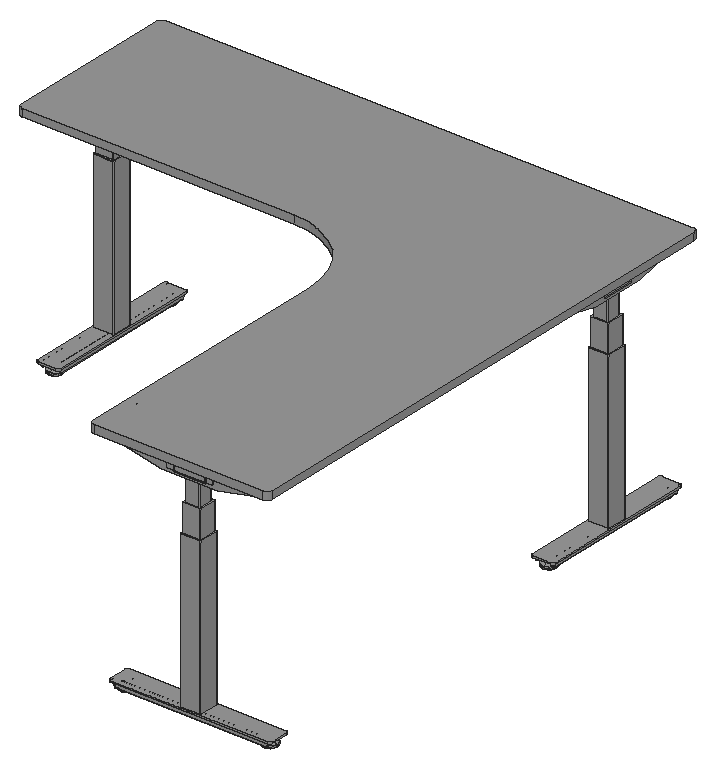
Revit family "3-Leg upCentric_72x72_Right", category Furniture, Revit 2014 (continued)
Definition of nested family "3-Leg upCentric_72x72_Left"
  Forms (in)
    Revolve 100, solid, material "Metal Black" <- "Frame"
      sketch origin (45.67323, -0.72608, 48) x (0, -1, 0) y (0, 0, -1)
        loop
          line (-1.438, 47.33071) -> (-1.438, 46.93701) -> (-1.12382, 46.93701) -> (-1.12382, 47.28975)
          arc (-1.12382, 47.28975) -> (-1.13582, 47.31871) -> (-1.16478, 47.33071) r 0.04095
          line (-1.16478, 47.33071) -> (-1.438, 47.33071)
        axis (-1.438, 47.33071) -> (-1.438, 46.93701)
      angle from 0 to 360
    Revolve 101, solid, material "Metal Black" <- "Frame"
      sketch origin (45.67323, -2.15005, 48) x (0, -1, 0) y (0, 0, -1)
        loop
          line (-1.438, 47.33071) -> (-1.438, 46.93701) -> (-1.12382, 46.93701) -> (-1.12382, 47.28975)
          arc (-1.12382, 47.28975) -> (-1.13582, 47.31871) -> (-1.16478, 47.33071) r 0.04095
          line (-1.16478, 47.33071) -> (-1.438, 47.33071)
        axis (-1.438, 47.33071) -> (-1.438, 46.93701)
      angle from 0 to 360
    Revolve 102, solid, material "Metal Black" <- "Frame"
      sketch origin (45.90945, -9.84682, 52.44291) x (0, -1, 0) y (0, 0, -1)
        loop
          line (-2.2445, 21.35433) -> (-2.12887, 21.35433) -> (-2.10624, 21.37696) -> (-2.10624, 21.44291) -> (-2.2445, 21.44291) -> (-2.2445, 21.35433)
        axis (-2.3622, 21.35433) -> (-2.3622, 21.44291)
      angle from 0 to 360
    Revolve 103, solid, material "Metal Black" <- "Frame"
      sketch origin (45.90945, -5.90555, 52.44291) x (0, -1, 0) y (0, 0, -1)
        loop
          line (-2.2445, 21.35433) -> (-2.12887, 21.35433) -> (-2.10624, 21.37696) -> (-2.10624, 21.44291) -> (-2.2445, 21.44291) -> (-2.2445, 21.35433)
        axis (-2.3622, 21.35433) -> (-2.3622, 21.44291)
      angle from 0 to 360
    Revolve 104, solid, material "Metal Black" <- "Frame"
      sketch origin (45.90945, 9.82961, 52.44291) x (0, 1, 0) y (0, 0, 1)
        loop
          line (-2.2445, -21.35433) -> (-2.2445, -21.44291) -> (-2.10624, -21.44291) -> (-2.10624, -21.37696) -> (-2.12887, -21.35433) -> (-2.2445, -21.35433)
        axis (-2.3622, -21.35433) -> (-2.3622, -21.44291)
      angle from 0 to 360
    Revolve 105, solid, material "Metal Black" <- "Frame"
      sketch origin (45.90945, 5.93673, 52.44291) x (0, 1, 0) y (0, 0, 1)
        loop
          line (-2.27966, -21.35433) -> (-2.27966, -21.44291) -> (-2.1414, -21.44291) -> (-2.1414, -21.37696) -> (-2.16403, -21.35433) -> (-2.27966, -21.35433)
        axis (-2.39736, -21.35433) -> (-2.39736, -21.44291)
      angle from 0 to 360
    Revolve 106, solid, material "Metal Black" <- "Frame"
      sketch origin (180.71068, 33.59849, 30.35564) x (0, -1, 0) y (1, 0, 0)
        loop
          line (30.54389, -135.39182) -> (30.54389, -135.15272) -> (30.46906, -135.15272) -> (30.42578, -135.196) -> (30.42578, -135.36998) -> (30.44762, -135.39182) -> (30.54389, -135.39182)
        axis (30.42578, -135.58789) -> (30.54389, -135.58789)
      angle from 0 to 360
    Revolve 107, solid, material "Metal Black" <- "Frame"
      sketch origin (180.71068, 33.59849, 30.35564) x (0, -1, 0) y (1, 0, 0)
        loop
          line (36.65406, -135.3935) -> (36.75034, -135.3935) -> (36.77217, -135.37166) -> (36.77217, -135.19768) -> (36.7289, -135.1544) -> (36.65406, -135.1544) -> (36.65406, -135.3935)
        axis (36.77217, -135.58957) -> (36.65406, -135.58957)
      angle from 0 to 360
    Revolve 108, solid, material "Metal Black" <- "Frame"
      sketch origin (180.71068, 33.59849, 30.35564) x (0, -1, 0) y (1, 0, 0)
        loop
          arc (30.17138, -135.57795) -> (30.18503, -135.75698) -> (30.22222, -135.93264) r 1.35519
          arc (30.22222, -135.93264) -> (30.23161, -135.9464) -> (30.2474, -135.9517) r 0.02616
          line (30.2474, -135.9517) -> (30.27869, -135.9517) -> (30.27869, -135.88271) -> (30.55077, -135.88271) -> (30.55077, -135.57795) -> (30.16631, -135.57795)
        axis (30.55077, -135.57795) -> (30.16631, -135.57795)
      angle from 0 to 360
    Revolve 109, solid, material "Metal Black" <- "Frame"
      sketch origin (180.71068, -33.60009, 30.35564) x (0, 1, 0) y (-1, 0, 0)
        loop
          arc (30.17138, 135.57795) -> (30.18503, 135.75698) -> (30.22222, 135.93264) r 1.35519
          arc (30.22222, 135.93264) -> (30.23161, 135.9464) -> (30.2474, 135.9517) r 0.02616
          line (30.2474, 135.9517) -> (30.27869, 135.9517) -> (30.27869, 135.88271) -> (30.55077, 135.88271) -> (30.55077, 135.57795) -> (30.16631, 135.57795)
        axis (30.55077, 135.57795) -> (30.16631, 135.57795)
      angle from 0 to 360
    Extrusion 110, solid, material "Metal Black" <- "Frame"
      sketch origin (0.71068, 12.6937, 0) x (0, 1, 0) y (0, 0, 1)
        loop
          line (-21.81468, 30.12016) -> (-16.43732, 28.95301) -> (-8.957, 28.95301) -> (-3.57709, 30.12071)
          arc (-3.57709, 30.12071) -> (-3.52078, 30.1431) -> (-3.47474, 30.18251) r 0.18477
          line (-3.47474, 30.18251) -> (-2.78878, 31) -> (-22.60554, 31) -> (-21.92126, 30.18451)
          arc (-21.92126, 30.18451) -> (-21.87332, 30.14347) -> (-21.81468, 30.12016) r 0.19241
      from 44.60821 to 45.78932
    Extrusion 111, solid, material "Black" <- "Control", visible <- "Button_left"
      sketch origin (24.13327, 2.63455, 2) x (0, 1, 0) y (0, 0, 1)
        loop
          arc (-15.04812, 29) -> (-15.09143, 28.99059) -> (-15.12693, 28.96406) r 0.10438
          line (-15.12693, 28.96406) -> (-15.48008, 28.55737)
          arc (-15.48008, 28.55737) -> (-15.48329, 28.53522) -> (-15.46446, 28.52311) r 0.02069
          line (-15.46446, 28.52311) -> (-15.24393, 28.52311)
          arc (-15.24393, 28.52311) -> (-15.10913, 28.54993) -> (-14.99484, 28.62629) r 0.35227
          line (-14.99484, 28.62629) -> (-14.8589, 28.76222)
          arc (-14.8589, 28.76222) -> (-14.80023, 28.80143) -> (-14.73101, 28.8152) r 0.18086
          line (-14.73101, 28.8152) -> (-14.55867, 28.8152)
          arc (-14.55867, 28.8152) -> (-14.51718, 28.83238) -> (-14.5, 28.87387) r 0.05867
          line (-14.5, 28.87387) -> (-14.5, 29) -> (-15.04812, 29)
      from 15.21373 to 19.22108
    Extrusion 112, solid, material "Black" <- "Control", visible <- "Button_left"
      sketch origin (24.28952, -12.42002, 31.04739) x (0, -0.655659, -0.755057) y (1, 0, 0)
        loop
          circle (0.37642, 18.60572) r 0.13929
      from 0 to 0.08091
    Extrusion 113, solid, material "Black" <- "Control", visible <- "Button_left"
      sketch origin (23.76732, -12.42002, 31.04739) x (0, -0.655659, -0.755057) y (1, 0, 0)
        loop
          circle (0.37642, 18.60572) r 0.13929
      from 0 to 0.08091
    Extrusion 114, solid, material "DarkGreen" <- "ControlDirection", visible <- "Button_left"
      sketch origin (23.20482, -12.42002, 31.04739) x (0, -0.655659, -0.755057) y (1, 0, 0)
        loop
          line (0.25317, 18.81874) -> (0.25317, 18.47919) -> (0.54722, 18.64897) -> (0.25317, 18.81874)
      from 0 to 0.0452
    Extrusion 115, solid, material "Black" <- "Control", visible <- "Button_left"
      sketch origin (58.41182, -12.42002, 31.04739) x (0, -0.655659, -0.755057) y (1, 0, 0)
        loop
          circle (0.37642, -18.60572) r 0.13929
      from 0 to 0.08091
    Extrusion 116, solid, material "Black" <- "Control", visible <- "Button_left"
      sketch origin (58.93402, -12.42002, 31.04739) x (0, -0.655659, -0.755057) y (1, 0, 0)
        loop
          circle (0.37642, -18.60572) r 0.13929
      from 0 to 0.08091
    Extrusion 117, solid, material "DarkGreen" <- "ControlDirection", visible <- "Button_left"
      sketch origin (59.49652, -12.42002, 31.04739) x (0, -0.655659, -0.755057) y (1, 0, 0)
        loop
          line (0.19067, -18.64897) -> (0.48472, -18.81874) -> (0.48472, -18.47919) -> (0.19067, -18.64897)
      from 0 to 0.0452
    Extrusion 118, solid, material "Default" <- "Control Screen", visible <- "Button_left"
      sketch origin (22.70482, -12.42002, 31.04739) x (0, -0.655659, -0.755057) y (1, 0, 0)
        loop
          line (0.16607, 18.86855) -> (0.16607, 18.41908) -> (0.521, 18.41908) -> (0.521, 18.86855) -> (0.16607, 18.86855)
      from 0 to 0.0167
    Revolve 119, solid, material "Metal Black" <- "Frame"
      sketch origin (-22.54052, -58.53519, 52.44291) x (-1, 0, 0) y (0, 0, -1)
        loop
          line (-2.2445, 21.35433) -> (-2.12887, 21.35433) -> (-2.10624, 21.37696) -> (-2.10624, 21.44291) -> (-2.2445, 21.44291) -> (-2.2445, 21.35433)
        axis (-2.3622, 21.35433) -> (-2.3622, 21.44291)
      angle from 0 to 360
    Revolve 120, solid, material "Metal Black" <- "Frame"
      sketch origin (-18.59925, -58.53519, 52.44291) x (-1, 0, 0) y (0, 0, -1)
        loop
          line (-2.2445, 21.35433) -> (-2.12887, 21.35433) -> (-2.10624, 21.37696) -> (-2.10624, 21.44291) -> (-2.2445, 21.44291) -> (-2.2445, 21.35433)
        axis (-2.3622, 21.35433) -> (-2.3622, 21.44291)
      angle from 0 to 360
    Revolve 121, solid, material "Metal Black" <- "Frame"
      sketch origin (-2.86409, -58.53519, 52.44291) x (1, 0, 0) y (0, 0, 1)
        loop
          line (-2.2445, -21.35433) -> (-2.2445, -21.44291) -> (-2.10624, -21.44291) -> (-2.10624, -21.37696) -> (-2.12887, -21.35433) -> (-2.2445, -21.35433)
        axis (-2.3622, -21.35433) -> (-2.3622, -21.44291)
      angle from 0 to 360
    Revolve 122, solid, material "Metal Black" <- "Frame"
      sketch origin (-6.75697, -58.53519, 52.44291) x (1, 0, 0) y (0, 0, 1)
        loop
          line (-2.27966, -21.35433) -> (-2.27966, -21.44291) -> (-2.1414, -21.44291) -> (-2.1414, -21.37696) -> (-2.16403, -21.35433) -> (-2.27966, -21.35433)
        axis (-2.39736, -21.35433) -> (-2.39736, -21.44291)
      angle from 0 to 360
    Revolve 123, solid, material "Metal Black" <- "Frame"
      sketch origin (-14.36894, -49.95675, 52.45252) x (0, 1, 0) y (0, 0, 1)
        loop
          line (-5.49249, -21.37402) -> (-5.60679, -21.37402) -> (-5.63045, -21.39768) -> (-5.63045, -21.45276) -> (-5.49249, -21.45276) -> (-5.49249, -21.37402)
        axis (-5.368, -21.45276) -> (-5.368, -21.37402)
      angle from 0 to 360
    Extrusion 124, solid, material "Metal Black" <- "Frame"
      sketch origin (-192.34735, -28.34235, 28.36548) x (0, -1, 0) y (1, 0, 0)
        loop
          line (27.37237, 177.46738) -> (27.37237, 179.47719)
          arc (27.37237, 179.47719) -> (27.31593, 179.61344) -> (27.17968, 179.66988) r 0.19269
          line (27.17968, 179.66988) -> (26.78189, 179.66988)
          arc (26.78189, 179.66988) -> (26.64265, 179.6122) -> (26.58497, 179.47295) r 0.19693
          line (26.58497, 179.47295) -> (26.58497, 177.46738) -> (27.37237, 177.46738)
        loop
          circle (26.98085, 177.97799) r 0.1198
        loop
          circle (26.97829, 179.25722) r 0.07775
      from 2.63452 to 2.53949
    Revolve 125, solid, material "Metal Black" <- "Frame"
      sketch origin (-14.36936, -49.52322, 52.45252) x (0, -1, 0) y (0, 0, -1)
        loop
          line (5.68037, 21.37402) -> (5.68037, 21.45276) -> (5.5424, 21.45276) -> (5.5424, 21.39768) -> (5.56607, 21.37402) -> (5.68037, 21.37402)
        axis (5.80485, 21.45276) -> (5.80485, 21.37402)
      angle from 0 to 360
    Extrusion 126, solid, material "Metal Black" <- "Frame"
      sketch origin (167.21682, -71.12785, 28.36548) x (0, 1, 0) y (-1, 0, 0)
        loop
          line (16.2038, 177.56938) -> (16.2038, 178.51739)
          arc (16.2038, 178.51739) -> (16.16951, 178.60016) -> (16.08674, 178.63445) r 0.11706
          line (16.08674, 178.63445) -> (15.53333, 178.63445)
          arc (15.53333, 178.63445) -> (15.45065, 178.6002) -> (15.4164, 178.51751) r 0.11693
          line (15.4164, 178.51751) -> (15.4164, 177.56938) -> (16.2038, 177.56938)
        loop
          circle (15.80799, 178.24752) r 0.1198
      from 2.53949 to 2.63452
    Revolve 127, solid, material "Metal Black" <- "Frame"
      sketch origin (-11.02289, -49.85323, 52.45252) x (0, 1, 0) y (0, 0, -1)
        loop
          line (-5.58624, 21.37402) -> (-5.58624, 21.45276) -> (-5.7242, 21.45276) -> (-5.7242, 21.39768) -> (-5.70054, 21.37402) -> (-5.58624, 21.37402)
        axis (-5.46175, 21.45276) -> (-5.46175, 21.37402)
      angle from 0 to 360
    Extrusion 128, solid, material "Metal Black" <- "Frame"
      sketch origin (-12.65512, -30.66376, 0) x (0, -1, 0) y (1, 0, 0)
        loop
          line (25.70374, -1.41734) -> (28.22494, -1.41734)
          arc (28.22494, -1.41734) -> (28.30795, -1.38295) -> (28.34233, -1.29994) r 0.11739
          line (28.34233, -1.29994) -> (28.34233, 1.22116)
          arc (28.34233, 1.22116) -> (28.30795, 1.30418) -> (28.22492, 1.33857) r 0.11741
          line (28.22492, 1.33857) -> (25.70374, 1.33857)
          arc (25.70374, 1.33857) -> (25.62073, 1.30418) -> (25.58635, 1.22117) r 0.11739
          line (25.58635, 1.22117) -> (25.58634, -1.29993)
          arc (25.58634, -1.29993) -> (25.62072, -1.38295) -> (25.70374, -1.41734) r 0.11741
      from 1.25984 to 22.01141
    Sweep 129, solid, material "Metal Black" <- "Frame"
      path origin (-12.65512, -30.66376, 22.01141) x (0, -1, 0) y (-1, 0, 0)
        loop
          arc (25.71906, 1.30529) -> (25.70447, 1.29925) -> (25.69843, 1.28467) r 0.02062
          line (25.69843, 1.28467) -> (25.69843, -1.18872)
          arc (25.69843, -1.18872) -> (25.70942, -1.21526) -> (25.73596, -1.22625) r 0.03753
          line (25.73596, -1.22625) -> (28.20973, -1.22625)
          arc (28.20973, -1.22625) -> (28.22385, -1.22041) -> (28.2297, -1.20629) r 0.01997
          line (28.2297, -1.20629) -> (28.2297, 1.27292)
          arc (28.2297, 1.27292) -> (28.22022, 1.29581) -> (28.19732, 1.30529) r 0.03238
          line (28.19732, 1.30529) -> (25.71906, 1.30529)
      profile origin (-13.96042, -57.62195, 22.01141) x (1, 0, 0) y (0, 0, 1)
        loop
          line (-0.11204, 0) -> (0, 0) -> (0, 0.0814) -> (-0.11204, 0)
    Extrusion 130, solid, material "Metal Black" <- "Frame"
      sketch origin (-12.65512, -30.66376, 22.01141) x (0, -1, 0) y (1, 0, 0)
        loop
          line (25.81982, -1.25186) -> (28.10686, -1.25186)
          arc (28.10686, -1.25186) -> (28.15638, -1.23135) -> (28.17689, -1.18184) r 0.07003
          line (28.17689, -1.18184) -> (28.17689, 1.10307)
          arc (28.17689, 1.10307) -> (28.15636, 1.15264) -> (28.10679, 1.17317) r 0.0701
          line (28.10679, 1.17317) -> (25.82118, 1.17317)
          arc (25.82118, 1.17317) -> (25.77209, 1.15284) -> (25.75175, 1.10374) r 0.06943
          line (25.75175, 1.10374) -> (25.75175, -1.18379)
          arc (25.75175, -1.18379) -> (25.77169, -1.23193) -> (25.81982, -1.25186) r 0.06807
      from 0.0814 to 3.74888
    Extrusion 131, solid, material "Metal Black" <- "Frame"
      sketch origin (-12.65512, -30.66376, 22.01141) x (0, -1, 0) y (1, 0, 0)
        loop
          line (26.09801, -1.02362) -> (27.83126, -1.02362)
          arc (27.83126, -1.02362) -> (27.91425, -0.98924) -> (27.94863, -0.90625) r 0.11737
          line (27.94863, -0.90625) -> (27.94863, 0.82596)
          arc (27.94863, 0.82596) -> (27.9138, 0.91005) -> (27.82971, 0.94488) r 0.11892
          line (27.82971, 0.94488) -> (26.09827, 0.94488)
          arc (26.09827, 0.94488) -> (26.01473, 0.91028) -> (25.98013, 0.82674) r 0.11814
          line (25.98013, 0.82674) -> (25.98013, -0.90574)
          arc (25.98013, -0.90574) -> (26.01466, -0.98909) -> (26.09801, -1.02362) r 0.11789
      from 3.74888 to 7.41636
    Extrusion 132, solid, material "Metal Black" <- "Frame"
      sketch origin (-12.65512, -30.66376, 22.01141) x (0, -1, 0) y (1, 0, 0)
        loop
          line (25.78246, -10.86615) -> (28.14486, -10.86615)
          arc (28.14486, -10.86615) -> (28.39585, -10.76219) -> (28.49981, -10.5112) r 0.35495
          line (28.49981, -10.5112) -> (28.49981, 10.43404)
          arc (28.49981, 10.43404) -> (28.39632, 10.6839) -> (28.14646, 10.7874) r 0.35335
          line (28.14646, 10.7874) -> (25.78137, 10.7874)
          arc (25.78137, 10.7874) -> (25.53217, 10.68417) -> (25.42895, 10.43497) r 0.35242
          line (25.42895, 10.43497) -> (25.42895, -10.51263)
          arc (25.42895, -10.51263) -> (25.53249, -10.76261) -> (25.78246, -10.86615) r 0.35352
      from -20.94842 to -20.75157
    Revolve 133, solid, material "Metal Black" <- "Frame"
      sketch origin (-22.73337, -57.59031, 48) x (1, 0, 0) y (0, 0, -1)
        loop
          line (0.4725, 47.52744) -> (0.4725, 48) -> (-0.47422, 48)
          arc (-0.47422, 48) -> (-0.50079, 47.98899) -> (-0.5118, 47.96242) r 0.03758
          line (-0.5118, 47.96242) -> (-0.5118, 47.79264)
          arc (-0.5118, 47.79264) -> (-0.50415, 47.76927) -> (-0.48417, 47.75493) r 0.03954
          line (-0.48417, 47.75493) -> (0.2357, 47.52744) -> (0.4725, 47.52744)
        axis (0.4725, 47.52744) -> (0.4725, 48)
      angle from 0 to 360
    Revolve 134, solid, material "Metal Black" <- "Frame"
      sketch origin (-2.65501, -57.59031, 48) x (-1, 0, 0) y (0, 0, 1)
        loop
          line (0.4725, -47.52744) -> (0.2357, -47.52744) -> (-0.48417, -47.75493)
          arc (-0.48417, -47.75493) -> (-0.50415, -47.76927) -> (-0.5118, -47.79264) r 0.03954
          line (-0.5118, -47.79264) -> (-0.5118, -47.96242)
          arc (-0.5118, -47.96242) -> (-0.50079, -47.98899) -> (-0.47422, -48) r 0.03758
          line (-0.47422, -48) -> (0.4725, -48) -> (0.4725, -47.52744)
        axis (0.4725, -47.52744) -> (0.4725, -48)
      angle from 0 to 360
    Extrusion 135, solid, material "Metal Black" <- "Frame"
      sketch origin (-12.65512, -36.21236, 0) x (-1, 0, 0) y (0, 0, -1)
        loop
          line (-10.07388, -0.47221) -> (-10.41497, -1.06299) -> (10.49372, -1.06299) -> (10.15189, -0.47093)
          arc (10.15189, -0.47093) -> (10.12418, -0.44322) -> (10.08632, -0.43307) r 0.07572
          line (10.08632, -0.43307) -> (-10.00609, -0.43307)
          arc (-10.00609, -0.43307) -> (-10.04523, -0.44356) -> (-10.07388, -0.47221) r 0.07828
      from 22.51969 to 22.71654
    Sweep 136, solid, material "Metal Black" <- "Frame"
      path origin (-12.65512, -36.21236, 0) x (-1, 0, 0) y (0, 0, -1)
        loop
          line (-10.4968, -1.20472) -> (-10.07388, -0.47221)
          arc (-10.07388, -0.47221) -> (-10.04523, -0.44356) -> (-10.00609, -0.43307) r 0.07828
          line (-10.00609, -0.43307) -> (10.08632, -0.43307)
          arc (10.08632, -0.43307) -> (10.12418, -0.44322) -> (10.15189, -0.47093) r 0.07572
          line (10.15189, -0.47093) -> (10.49372, -1.06299)
      profile origin (-12.69524, -36.21236, 0.43307) x (0, 0, -1) y (0, -1, 0)
        loop
          arc (0, 22.51969) -> (0.02784, 22.53122) -> (0.03937, 22.55906) r 0.03937
          line (0.03937, 22.55906) -> (0.03937, 22.67717)
          arc (0.03937, 22.67717) -> (0.02784, 22.705) -> (0, 22.71654) r 0.03937
          line (0, 22.71654) -> (0, 22.51969)
    Extrusion 137, solid, material "Metal Black" <- "Frame"
      sketch origin (-12.65512, -78.96826, 0) x (-1, 0, 0) y (0, 0, 1)
        loop
          arc (-10.07388, 0.47221) -> (-10.04523, 0.44356) -> (-10.00609, 0.43307) r 0.07828
          line (-10.00609, 0.43307) -> (10.08632, 0.43307)
          arc (10.08632, 0.43307) -> (10.12418, 0.44322) -> (10.15189, 0.47093) r 0.07572
          line (10.15189, 0.47093) -> (10.49372, 1.06299) -> (-10.41497, 1.06299) -> (-10.07388, 0.47221)
      from 22.51969 to 22.71654
    Sweep 138, solid, material "Metal Black" <- "Frame"
      path origin (-12.65512, -78.96826, 0) x (-1, 0, 0) y (0, 0, 1)
        loop
          line (-10.41497, 1.06299) -> (-10.07388, 0.47221)
          arc (-10.07388, 0.47221) -> (-10.04523, 0.44356) -> (-10.00609, 0.43307) r 0.07828
          line (-10.00609, 0.43307) -> (10.08632, 0.43307)
          arc (10.08632, 0.43307) -> (10.12418, 0.44322) -> (10.15189, 0.47093) r 0.07572
          line (10.15189, 0.47093) -> (10.49372, 1.06299)
      profile origin (-12.69524, -78.96826, 0.43307) x (0, 0, 1) y (0, 1, 0)
        loop
          line (0, 22.51969) -> (0, 22.71654)
          arc (0, 22.71654) -> (-0.02784, 22.705) -> (-0.03937, 22.67717) r 0.03937
          line (-0.03937, 22.67717) -> (-0.03937, 22.55906)
          arc (-0.03937, 22.55906) -> (-0.02784, 22.53122) -> (0, 22.51969) r 0.03937
    Extrusion 139, solid, material "Metal Black" <- "Frame"
      sketch origin (-12.65512, -30.66376, 0) x (0, -1, 0) y (0, 0, -1)
        loop
          line (26.68879, -0.7874) -> (26.68879, -1.06299) -> (27.23997, -1.06299) -> (27.23997, -0.7874)
          arc (27.23997, -0.7874) -> (27.22844, -0.75956) -> (27.2006, -0.74803) r 0.03937
          line (27.2006, -0.74803) -> (26.72816, -0.74803)
          arc (26.72816, -0.74803) -> (26.70032, -0.75956) -> (26.68879, -0.7874) r 0.03937
      from -10.07679 to 9.99999
    Revolve 140, solid, material "Metal Black" <- "Frame"
      sketch origin (-13.41978, -56.88075, 48) x (-1, 0, 0) y (0, 0, -1)
        loop
          line (-1.438, 47.33071) -> (-1.438, 46.93701) -> (-1.12382, 46.93701) -> (-1.12382, 47.28975)
          arc (-1.12382, 47.28975) -> (-1.13582, 47.31871) -> (-1.16478, 47.33071) r 0.04095
          line (-1.16478, 47.33071) -> (-1.438, 47.33071)
        axis (-1.438, 47.33071) -> (-1.438, 46.93701)
      angle from 0 to 360
    Revolve 141, solid, material "Metal Black" <- "Frame"
      sketch origin (-14.84375, -56.88075, 48) x (-1, 0, 0) y (0, 0, -1)
        loop
          line (-1.438, 47.33071) -> (-1.438, 46.93701) -> (-1.12382, 46.93701) -> (-1.12382, 47.28975)
          arc (-1.12382, 47.28975) -> (-1.13582, 47.31871) -> (-1.16478, 47.33071) r 0.04095
          line (-1.16478, 47.33071) -> (-1.438, 47.33071)
        axis (-1.438, 47.33071) -> (-1.438, 46.93701)
      angle from 0 to 360
    Revolve 142, solid, material "Metal Black" <- "Frame"
      sketch origin (-13.41978, -58.29897, 48) x (-1, 0, 0) y (0, 0, -1)
        loop
          line (-1.438, 47.33071) -> (-1.438, 46.93701) -> (-1.12382, 46.93701) -> (-1.12382, 47.28975)
          arc (-1.12382, 47.28975) -> (-1.13582, 47.31871) -> (-1.16478, 47.33071) r 0.04095
          line (-1.16478, 47.33071) -> (-1.438, 47.33071)
        axis (-1.438, 47.33071) -> (-1.438, 46.93701)
      angle from 0 to 360
    Revolve 143, solid, material "Metal Black" <- "Frame"
      sketch origin (-14.84375, -58.29897, 48) x (-1, 0, 0) y (0, 0, -1)
        loop
          line (-1.438, 47.33071) -> (-1.438, 46.93701) -> (-1.12382, 46.93701) -> (-1.12382, 47.28975)
          arc (-1.12382, 47.28975) -> (-1.13582, 47.31871) -> (-1.16478, 47.33071) r 0.04095
          line (-1.16478, 47.33071) -> (-1.438, 47.33071)
        axis (-1.438, 47.33071) -> (-1.438, 46.93701)
      angle from 0 to 360
    Revolve 144, solid, material "Metal Black" <- "Frame"
      sketch origin (-22.54052, -58.53519, 52.44291) x (-1, 0, 0) y (0, 0, -1)
        loop
          line (-2.2445, 21.35433) -> (-2.12887, 21.35433) -> (-2.10624, 21.37696) -> (-2.10624, 21.44291) -> (-2.2445, 21.44291) -> (-2.2445, 21.35433)
        axis (-2.3622, 21.35433) -> (-2.3622, 21.44291)
      angle from 0 to 360
    Revolve 145, solid, material "Metal Black" <- "Frame"
      sketch origin (-18.59925, -58.53519, 52.44291) x (-1, 0, 0) y (0, 0, -1)
        loop
          line (-2.2445, 21.35433) -> (-2.12887, 21.35433) -> (-2.10624, 21.37696) -> (-2.10624, 21.44291) -> (-2.2445, 21.44291) -> (-2.2445, 21.35433)
        axis (-2.3622, 21.35433) -> (-2.3622, 21.44291)
      angle from 0 to 360
    Revolve 146, solid, material "Metal Black" <- "Frame"
      sketch origin (-2.86409, -58.53519, 52.44291) x (1, 0, 0) y (0, 0, 1)
        loop
          line (-2.2445, -21.35433) -> (-2.2445, -21.44291) -> (-2.10624, -21.44291) -> (-2.10624, -21.37696) -> (-2.12887, -21.35433) -> (-2.2445, -21.35433)
        axis (-2.3622, -21.35433) -> (-2.3622, -21.44291)
      angle from 0 to 360
    Revolve 147, solid, material "Metal Black" <- "Frame"
      sketch origin (-6.75697, -58.53519, 52.44291) x (1, 0, 0) y (0, 0, 1)
        loop
          line (-2.27966, -21.35433) -> (-2.27966, -21.44291) -> (-2.1414, -21.44291) -> (-2.1414, -21.37696) -> (-2.16403, -21.35433) -> (-2.27966, -21.35433)
        axis (-2.39736, -21.35433) -> (-2.39736, -21.44291)
      angle from 0 to 360
    Revolve 148, solid, material "Metal Black" <- "Frame"
      sketch origin (20.90479, -193.33643, 30.35564) x (-1, 0, 0) y (0, -1, 0)
        loop
          line (30.54389, -135.39182) -> (30.54389, -135.15272) -> (30.46906, -135.15272) -> (30.42578, -135.196) -> (30.42578, -135.36998) -> (30.44762, -135.39182) -> (30.54389, -135.39182)
        axis (30.42578, -135.58789) -> (30.54389, -135.58789)
      angle from 0 to 360
    Revolve 149, solid, material "Metal Black" <- "Frame"
      sketch origin (20.90479, -193.33643, 30.35564) x (-1, 0, 0) y (0, -1, 0)
        loop
          line (36.65406, -135.3935) -> (36.75034, -135.3935) -> (36.77217, -135.37166) -> (36.77217, -135.19768) -> (36.7289, -135.1544) -> (36.65406, -135.1544) -> (36.65406, -135.3935)
        axis (36.77217, -135.58957) -> (36.65406, -135.58957)
      angle from 0 to 360
    Revolve 150, solid, material "Metal Black" <- "Frame"
      sketch origin (20.90479, -193.33643, 30.35564) x (-1, 0, 0) y (0, -1, 0)
        loop
          arc (30.17138, -135.57795) -> (30.18503, -135.75698) -> (30.22222, -135.93264) r 1.35519
          arc (30.22222, -135.93264) -> (30.23161, -135.9464) -> (30.2474, -135.9517) r 0.02616
          line (30.2474, -135.9517) -> (30.27869, -135.9517) -> (30.27869, -135.88271) -> (30.55077, -135.88271) -> (30.55077, -135.57795) -> (30.16631, -135.57795)
        axis (30.55077, -135.57795) -> (30.16631, -135.57795)
      angle from 0 to 360
    Revolve 151, solid, material "Metal Black" <- "Frame"
      sketch origin (-46.29379, -193.33643, 30.35564) x (1, 0, 0) y (0, 1, 0)
        loop
          arc (30.17138, 135.57795) -> (30.18503, 135.75698) -> (30.22222, 135.93264) r 1.35519
          arc (30.22222, 135.93264) -> (30.23161, 135.9464) -> (30.2474, 135.9517) r 0.02616
          line (30.2474, 135.9517) -> (30.27869, 135.9517) -> (30.27869, 135.88271) -> (30.55077, 135.88271) -> (30.55077, 135.57795) -> (30.16631, 135.57795)
        axis (30.55077, 135.57795) -> (30.16631, 135.57795)
      angle from 0 to 360
    Extrusion 152, solid, material "Metal Black" <- "Frame"
      sketch origin (0, -13.33643, 0) x (1, 0, 0) y (0, 0, 1)
        loop
          line (-21.81468, 30.12016) -> (-16.43732, 28.95301) -> (-8.957, 28.95301) -> (-3.57709, 30.12071)
          arc (-3.57709, 30.12071) -> (-3.52078, 30.1431) -> (-3.47474, 30.18251) r 0.18477
          line (-3.47474, 30.18251) -> (-2.78878, 31) -> (-22.60554, 31) -> (-21.92126, 30.18451)
          arc (-21.92126, 30.18451) -> (-21.87332, 30.14347) -> (-21.81468, 30.12016) r 0.19241
      from 44.60821 to 45.78932
    Extrusion 153, solid, material "Black" <- "Control", visible <- "Button_right"
      sketch origin (-15.14445, -71.18889, 2) x (-1, 0, 0) y (0, 0, 1)
        loop
          arc (-15.04812, 29) -> (-15.09143, 28.99059) -> (-15.12693, 28.96406) r 0.10438
          line (-15.12693, 28.96406) -> (-15.48008, 28.55737)
          arc (-15.48008, 28.55737) -> (-15.48329, 28.53522) -> (-15.46446, 28.52311) r 0.02069
          line (-15.46446, 28.52311) -> (-15.24393, 28.52311)
          arc (-15.24393, 28.52311) -> (-15.10913, 28.54993) -> (-14.99484, 28.62629) r 0.35227
          line (-14.99484, 28.62629) -> (-14.8589, 28.76222)
          arc (-14.8589, 28.76222) -> (-14.80023, 28.80143) -> (-14.73101, 28.8152) r 0.18086
          line (-14.73101, 28.8152) -> (-14.55867, 28.8152)
          arc (-14.55867, 28.8152) -> (-14.51718, 28.83238) -> (-14.5, 28.87387) r 0.05867
          line (-14.5, 28.87387) -> (-14.5, 29) -> (-15.04812, 29)
      from 15.21373 to 19.22108
    Extrusion 154, solid, material "Black" <- "Control", visible <- "Button_right"
      sketch origin (-0.08988, -71.03264, 31.04739) x (0.655659, 0, -0.755057) y (0, 1, 0)
        loop
          circle (0.37642, 18.60572) r 0.13929
      from 0 to 0.08091
    Extrusion 155, solid, material "Black" <- "Control", visible <- "Button_right"
      sketch origin (-0.08988, -71.55484, 31.04739) x (0.655659, 0, -0.755057) y (0, 1, 0)
        loop
          circle (0.37642, 18.60572) r 0.13929
      from 0 to 0.08091
    Extrusion 156, solid, material "DarkGreen" <- "ControlDirection", visible <- "Button_right"
      sketch origin (-0.08988, -72.11734, 31.04739) x (0.655659, 0, -0.755057) y (0, 1, 0)
        loop
          line (0.25317, 18.81874) -> (0.25317, 18.47919) -> (0.54722, 18.64897) -> (0.25317, 18.81874)
      from 0 to 0.0452
    Extrusion 157, solid, material "Black" <- "Control", visible <- "Button_right"
      sketch origin (-0.08988, -36.91034, 31.04739) x (0.655659, 0, -0.755057) y (0, 1, 0)
        loop
          circle (0.37642, -18.60572) r 0.13929
      from 0 to 0.08091
    Extrusion 158, solid, material "Black" <- "Control", visible <- "Button_right"
      sketch origin (-0.08988, -36.38814, 31.04739) x (0.655659, 0, -0.755057) y (0, 1, 0)
        loop
          circle (0.37642, -18.60572) r 0.13929
      from 0 to 0.08091
    Extrusion 159, solid, material "DarkGreen" <- "ControlDirection", visible <- "Button_right"
      sketch origin (-0.08988, -35.82564, 31.04739) x (0.655659, 0, -0.755057) y (0, 1, 0)
        loop
          line (0.19067, -18.64897) -> (0.48472, -18.81874) -> (0.48472, -18.47919) -> (0.19067, -18.64897)
      from 0 to 0.0452
    Extrusion 160, solid, material "Default" <- "Control Screen", visible <- "Button_right"
      sketch origin (-0.08988, -72.61734, 31.04739) x (0.655659, 0, -0.755057) y (0, 1, 0)
        loop
          line (0.16607, 18.86855) -> (0.16607, 18.41908) -> (0.521, 18.41908) -> (0.521, 18.86855) -> (0.16607, 18.86855)
      from 0 to 0.0167
    Extrusion 161, void
      sketch origin (73.62742, -31.34803, 4.41166) x (-1, 0, 0) y (0, 0, -1)
        loop
          line (28.42107, -24.48906) -> (27.17905, -24.48906) -> (27.17905, -26.48906) -> (28.42107, -26.48906) -> (28.42107, -24.48906)
      from -42.174 to -20.52045
  Cuts and joins
    Extrusion 2, Extrusion 84 cuts Extrusion 1
    Extrusion 5, Extrusion 6, Extrusion 84 cuts Extrusion 3
    Extrusion 84 cuts Extrusion 4
    Extrusion 8, Extrusion 9, Extrusion 10, Extrusion 11, Extrusion 12, Extrusion 13 cuts Extrusion 7
    Extrusion 161 cuts Extrusion 22
    Extrusion 161 cuts Extrusion 23
    Extrusion 84 cuts Extrusion 52
    Extrusion 84 cuts Revolve 69
    Extrusion 84 cuts Revolve 70
    Extrusion 84 cuts Revolve 71
    Extrusion 84 cuts Revolve 72
    Extrusion 84 cuts Extrusion 73
    Extrusion 161 cuts Extrusion 131
    Extrusion 161 cuts Revolve 148
    Extrusion 161 cuts Revolve 149
    Extrusion 161 cuts Extrusion 152
    Extrusion 161 cuts Extrusion 110
  Dimensions and locks (in)
    plane 6 to plane 1 "Center (Front/Back)" = 14.80315"
    equal spacing: plane 8, plane 3 "Center (Left/Right)", plane 9
    plane 13 to level = 22.09281"
    "TotalHeight": plane 11 to level
    locked: plane 11 to plane 10 at 1
    plane 10 to plane 15 = 0.7874"
    locked: Extrusion 7 sketch curve to Extrusion 7 sketch curve at 1.55992
    locked: plane 10 to Extrusion 5 sketch curve at 0.62841
    locked: cut or joined group of Extrusion 3, Extrusion 5, Extrusion 6, Extrusion 84 to cut or joined group of Extrusion 3, Extrusion 5, Extrusion 6, Extrusion 84 at 0.20472
    locked: plane 10 to plane 17 at 0.64436
    locked: Extrusion 3 sketch curve to Extrusion 3 sketch curve at 1.5748
    equal spacing: plane 16, plane 14, plane 13
    locked: Extrusion 22 sketch curve to Extrusion 22 sketch curve at 1.5748
    equal spacing: plane 12, plane 22, plane 24
    plane 23 to plane 6 = 60.6303"
    "A Length": plane 8 to plane 9
    "B Length": plane 12 to plane 24
    "C Length": plane 12 to plane 25
    "D Length": plane 8 to plane 26
    locked: plane 25 to plane 27 at 0.57443
    plane 6 to plane 23 = 60.6303"
    locked: Extrusion 23 sketch curve to Extrusion 23 sketch curve at 1.57223
    locked: plane 10 to plane 16 at 1.57223
    "BoltH": plane 10 to plane 29
    locked: Extrusion 73 sketch curve to Extrusion 73 sketch curve at 2.04699
    locked: Extrusion 79 sketch curve to Extrusion 79 sketch curve at 1.97835
    Extrusion 84 sketch curve to Extrusion 84 sketch curve = 2"
    locked: Extrusion 85 sketch curve to Extrusion 85 sketch curve at 1.97835
    locked: Extrusion 110 sketch curve to Extrusion 110 sketch curve at 2.04699
    locked: Extrusion 152 sketch curve to Extrusion 152 sketch curve at 2.04699
    Extrusion 161 sketch curve to Extrusion 161 sketch curve = 2"
    radius of Extrusion 6 sketch curve = 0.10236"
    "E Radius": radius of Extrusion 48 sketch curve
    radius of Extrusion 48 sketch curve = 0.74007"
    radius of Extrusion 48 sketch curve = 189/256"  (x4)
    aligned and locked: level to plane 2
    aligned and locked: Extrusion 3 sketch curve to plane 10
    aligned and locked: cut or joined group of Extrusion 7, Extrusion 8, Extrusion 9, Extrusion 10, Extrusion 11, Extrusion 12, Extrusion 13 to plane 10
    aligned and locked: plane 10 to Extrusion 7 sketch curve
    aligned and locked: plane 16 to cut or joined group of Extrusion 7, Extrusion 8, Extrusion 9, Extrusion 10, Extrusion 11, Extrusion 12, Extrusion 13  (x5)
    aligned and locked: Extrusion 8 to plane 10
    aligned and locked: Extrusion 9 to plane 10
    aligned and locked: cut or joined group of Extrusion 3, Extrusion 5, Extrusion 6, Extrusion 84 to Extrusion 10
    aligned and locked: Extrusion 10 to plane 10
    aligned and locked: Extrusion 11 to plane 10
    aligned and locked: Extrusion 12 to plane 10
    aligned and locked: Extrusion 13 to plane 10
    aligned and locked: Extrusion 22 sketch curve to plane 10
    aligned and locked: Extrusion 23 sketch curve to plane 16
    aligned and locked: plane 10 to Revolve 47
    aligned and locked: plane 10 to Revolve 46
    aligned and locked: Extrusion 28 to plane 10
    aligned and locked: Extrusion 26 to plane 10
    aligned and locked: Extrusion 14 to plane 10
    aligned and locked: Extrusion 20 to plane 10
    aligned and locked: Extrusion 16 to plane 10
    aligned and locked: Extrusion 44 to plane 10
    aligned and locked: Extrusion 24 to plane 10
    aligned and locked: Extrusion 18 to plane 10
    aligned and locked: plane 10 to Extrusion 28
    aligned and locked: Extrusion 14 to Extrusion 28
    aligned and locked: Extrusion 14 to Extrusion 26
    aligned and locked: plane 29 to Extrusion 44
    aligned and locked: plane 29 to Extrusion 24
    aligned and locked: plane 29 to Extrusion 16
    aligned and locked: plane 29 to Extrusion 20
    aligned and locked: plane 29 to Extrusion 14
    aligned and locked: plane 29 to Extrusion 18
    aligned and locked: plane 29 to Extrusion 38
    aligned and locked: plane 29 to Extrusion 34
    aligned and locked: plane 29 to Extrusion 40
    aligned and locked: plane 29 to Extrusion 30
    aligned and locked: Extrusion 34 to plane 10
    aligned and locked: Extrusion 32 to plane 10
    aligned and locked: plane 29 to Extrusion 32
    aligned and locked: Extrusion 36 to plane 10
    aligned and locked: plane 29 to Extrusion 36
    aligned and locked: plane 10 to Extrusion 44  (x2)
    aligned and locked: Extrusion 44 to plane 29  (x2)
    aligned and locked: plane 10 to Extrusion 36
    aligned and locked: Extrusion 36 to plane 29  (x3)
    aligned and locked: Extrusion 34 to plane 29  (x2)
    aligned and locked: Extrusion 51 to Sweep 50
    aligned and locked: Extrusion 56 to Sweep 57 sketch curve
    aligned and locked: Sweep 87 to Extrusion 88
    aligned and locked: Sweep 94 sketch curve to Extrusion 93
    aligned and locked: Extrusion 130 to Sweep 129
    aligned and locked: Sweep 136 sketch curve to Extrusion 135
  Automatic sketch dimensions
    Extrusion 1 sketch curve to plane 10 = 0"
    plane 5 to Extrusion 1 sketch curve = 0"
    plane 5 to Extrusion 1 sketch curve = 0.15748"
    Extrusion 1 sketch curve to Extrusion 1 sketch curve = 0.03937"
    Extrusion 1 sketch curve to plane 29 = 0.01282"
    plane 5 to Extrusion 1 sketch curve = 6.51512"
    Extrusion 1 sketch curve to Extrusion 1 sketch curve = 0.02816"
    Extrusion 1 sketch curve to plane 10 = 0.03668"
    Extrusion 1 sketch curve to plane 16 = 0.40612"
    Extrusion 1 sketch curve to Extrusion 1 sketch curve = 0.33528"
    Extrusion 1 sketch curve to Extrusion 1 sketch curve = 0.19685"
    Extrusion 1 sketch curve to Extrusion 1 sketch curve = 0.15748"  (x3)
    plane 15 to Extrusion 1 sketch curve = 0.0689"
    Extrusion 2 sketch curve to plane 17 = 0.02579"
    plane 5 to Extrusion 2 sketch curve = 6.79059"
    Extrusion 3 sketch curve to plane 18 = 1.17669"  (x2)
    plane 29 to Extrusion 3 sketch curve = 0.02308"  (x2)
    Extrusion 3 sketch curve to plane 18 = 0.42865"
    Extrusion 3 sketch curve to Extrusion 3 sketch curve = 0.11811"
    Extrusion 3 sketch curve to plane 16 = 0.11554"
    Extrusion 3 sketch curve to Extrusion 3 sketch curve = 0"  (x3)
    plane 10 to Extrusion 4 sketch curve = 0"
    Extrusion 4 sketch curve to plane 16 = 0.00257"
    plane 1 "Center (Front/Back)" to Extrusion 4 sketch curve = 2.973"
    Extrusion 4 sketch curve to Extrusion 4 sketch curve = 0"  (x4)
    Extrusion 4 sketch curve to plane 29 = 0.02308"  (x2)
    Extrusion 4 sketch curve to Extrusion 4 sketch curve = 0.74803"
    Extrusion 4 sketch curve to Extrusion 4 sketch curve = 0.11811"
    plane 16 to Extrusion 4 sketch curve = 0.11554"
    Extrusion 5 sketch curve to plane 4 = 6.79059"
    plane 29 to Extrusion 6 sketch curve = 0.02308"
    Extrusion 6 sketch curve to plane 4 = 8.48819"
    Extrusion 6 sketch curve to plane 10 = 0.02377"
    plane 17 to Extrusion 7 sketch curve = 0.06986"
    Extrusion 7 sketch curve to plane 26 = 0.80012"
    plane 29 to Extrusion 7 sketch curve = 0.16373"
    plane 3 "Center (Left/Right)" to Extrusion 7 sketch curve = 2.13401"
    plane 10 to Extrusion 7 sketch curve = 0.03937"  (x2)
    Extrusion 7 sketch curve to Extrusion 7 sketch curve = 0.00766"
    Extrusion 7 sketch curve to plane 15 = 0.33859"
    Extrusion 7 sketch curve to Extrusion 7 sketch curve = 0.01514"
    plane 29 to Extrusion 7 sketch curve = 15/64"
    Extrusion 7 sketch curve to Extrusion 7 sketch curve = 2.084"
    Extrusion 7 sketch curve to plane 15 = 0.34619"
    Extrusion 7 sketch curve to Extrusion 7 sketch curve = 6.53212"
    Extrusion 7 sketch curve to Extrusion 7 sketch curve = 0.03177"
    Extrusion 7 sketch curve to Extrusion 7 sketch curve = 1.22878"
    Extrusion 7 sketch curve to plane 15 = 0.30696"
    Extrusion 7 sketch curve to Extrusion 7 sketch curve = 0.00024"
    Extrusion 8 sketch curve to plane 21 = 0.11276"
    Extrusion 8 sketch curve to plane 4 = 9.8926"
    Extrusion 9 sketch curve to plane 1 "Center (Front/Back)" = 1.52018"
    Extrusion 9 sketch curve to plane 4 = 9.8926"
    Extrusion 10 sketch curve to plane 21 = 0.11276"
    plane 3 "Center (Left/Right)" to Extrusion 10 sketch curve = 6.63079"
    Extrusion 11 sketch curve to plane 1 "Center (Front/Back)" = 1.52018"
    plane 3 "Center (Left/Right)" to Extrusion 11 sketch curve = 6.63079"
    Extrusion 12 sketch curve to plane 21 = 0.11276"
    plane 3 "Center (Left/Right)" to Extrusion 12 sketch curve = 2.53573"
    Extrusion 13 sketch curve to plane 1 "Center (Front/Back)" = 1.52018"
    plane 3 "Center (Left/Right)" to Extrusion 13 sketch curve = 2.53573"
    Extrusion 14 sketch curve to plane 18 = 0"
    plane 3 "Center (Left/Right)" to Extrusion 14 sketch curve = 0.04162"
    Extrusion 14 sketch curve to plane 3 "Center (Left/Right)" = 0.34887"
    Extrusion 14 sketch curve to plane 3 "Center (Left/Right)" = 0.35252"
    Extrusion 14 sketch curve to Extrusion 14 sketch curve = 0.09696"
    Extrusion 14 sketch curve to plane 26 = 0.09022"
    Extrusion 14 sketch curve to Extrusion 14 sketch curve = 0.09384"
    Extrusion 14 sketch curve to Extrusion 14 sketch curve = 0.13385"
    Extrusion 14 sketch curve to plane 21 = 0.14282"
    Extrusion 14 sketch curve to plane 18 = 1.04283"
    Revolve 15 sketch curve to plane 10 = 0.05484"
    plane 3 "Center (Left/Right)" to Revolve 15 sketch curve = 0.2992"
    Revolve 15 sketch curve to plane 10 = 0.07851"
    Revolve 15 sketch curve to Revolve 15 sketch curve = 0.02367"
    plane 10 to Revolve 15 sketch curve = 0.00023"
    Revolve 15 sketch curve to Revolve 15 sketch curve = 0.13796"
    plane 29 to Revolve 15 sketch curve = 0.0148"
    plane 3 "Center (Left/Right)" to Revolve 15 sketch curve = 0.03675"
    Revolve 15 sketch curve to Revolve 15 sketch curve = 0.07107"
    Extrusion 16 sketch curve to plane 18 = 0.55438"
    Extrusion 16 sketch curve to plane 26 = 2.58505"
    Extrusion 16 sketch curve to Extrusion 16 sketch curve = 0.09384"
    Extrusion 16 sketch curve to plane 19 = 0.00156"
    Extrusion 16 sketch curve to Extrusion 16 sketch curve = 0.30293"
    Extrusion 16 sketch curve to Extrusion 16 sketch curve = 0.29004"
    Extrusion 16 sketch curve to Extrusion 16 sketch curve = 0.1006"
    Extrusion 16 sketch curve to plane 21 = 0.26093"
    plane 10 to Revolve 17 sketch curve = 0.00023"
    Revolve 17 sketch curve to plane 26 = 2.85439"
    Revolve 17 sketch curve to plane 10 = 0.07851"
    Revolve 17 sketch curve to Revolve 17 sketch curve = 0.1143"
    Revolve 17 sketch curve to Revolve 17 sketch curve = 0.02367"  (x2)
    plane 29 to Revolve 17 sketch curve = 0.0148"
    Revolve 17 sketch curve to Revolve 17 sketch curve = 0.12448"
    Revolve 17 sketch curve to Revolve 17 sketch curve = 0.07107"
    Extrusion 18 sketch curve to plane 3 "Center (Left/Right)" = 0.00526"
    Extrusion 18 sketch curve to plane 3 "Center (Left/Right)" = 0.39575"
    Extrusion 18 sketch curve to plane 3 "Center (Left/Right)" = 0.39939"
    Extrusion 18 sketch curve to Extrusion 18 sketch curve = 0.09696"
    Extrusion 18 sketch curve to plane 26 = 0.1371"
    Extrusion 18 sketch curve to Extrusion 18 sketch curve = 0.09384"
    Extrusion 18 sketch curve to Extrusion 18 sketch curve = 0.13385"
    Extrusion 18 sketch curve to plane 1 "Center (Front/Back)" = 3.04245"
    Extrusion 18 sketch curve to Extrusion 18 sketch curve = 1.07973"
    Extrusion 18 sketch curve to Extrusion 18 sketch curve = 0.29752"
    Revolve 19 sketch curve to plane 10 = 0.05484"
    plane 3 "Center (Left/Right)" to Revolve 19 sketch curve = 0.25232"
    Revolve 19 sketch curve to plane 10 = 0.07851"
    Revolve 19 sketch curve to Revolve 19 sketch curve = 0.02367"
    plane 10 to Revolve 19 sketch curve = 0.00023"
    plane 3 "Center (Left/Right)" to Revolve 19 sketch curve = 0.11436"
    Revolve 19 sketch curve to plane 3 "Center (Left/Right)" = 0.01013"
    Revolve 19 sketch curve to Revolve 19 sketch curve = 0.07107"
    plane 29 to Revolve 19 sketch curve = 0.0148"
    Extrusion 20 sketch curve to plane 26 = 1.97275"
    Extrusion 20 sketch curve to Extrusion 20 sketch curve = 0.09384"
    Extrusion 20 sketch curve to Extrusion 20 sketch curve = 0.30293"
    Extrusion 20 sketch curve to Extrusion 20 sketch curve = 0.29004"
    Extrusion 20 sketch curve to Extrusion 20 sketch curve = 0.1006"
    Extrusion 20 sketch curve to plane 1 "Center (Front/Back)" = 1.36122"
    Extrusion 20 sketch curve to Extrusion 20 sketch curve = 0.29063"
    Extrusion 20 sketch curve to Extrusion 20 sketch curve = 0.67938"
    plane 10 to Revolve 21 sketch curve = 0.00023"
    Revolve 21 sketch curve to plane 26 = 1.70341"
    Revolve 21 sketch curve to plane 10 = 0.07851"
    Revolve 21 sketch curve to Revolve 21 sketch curve = 0.1143"
    Revolve 21 sketch curve to Revolve 21 sketch curve = 0.02367"  (x2)
    plane 29 to Revolve 21 sketch curve = 0.0148"
    Revolve 21 sketch curve to Revolve 21 sketch curve = 0.12448"
    Revolve 21 sketch curve to Revolve 21 sketch curve = 0.07107"
    Extrusion 22 sketch curve to Extrusion 22 sketch curve = 0"  (x4)
    plane 29 to Extrusion 22 sketch curve = 0.02308"  (x2)
    Extrusion 22 sketch curve to Extrusion 22 sketch curve = 0.74803"
    Extrusion 22 sketch curve to Extrusion 22 sketch curve = 0.11811"
    Extrusion 22 sketch curve to plane 16 = 0.11554"
    Extrusion 23 sketch curve to Extrusion 23 sketch curve = 0"  (x3)
    plane 29 to Extrusion 23 sketch curve = 0.02308"  (x2)
    Extrusion 23 sketch curve to Extrusion 23 sketch curve = 0.74803"
    Extrusion 23 sketch curve to Extrusion 23 sketch curve = 0.11811"  (x2)
    Extrusion 23 sketch curve to Extrusion 23 sketch curve = 0.00257"
    Extrusion 24 sketch curve to plane 22 = 9.64252"
    Extrusion 24 sketch curve to Extrusion 24 sketch curve = 0.19693"
    Extrusion 24 sketch curve to Extrusion 24 sketch curve = 0.19639"
    Extrusion 24 sketch curve to Extrusion 24 sketch curve = 0.39588"
    Extrusion 24 sketch curve to Extrusion 24 sketch curve = 0.2014"
    Extrusion 24 sketch curve to Extrusion 24 sketch curve = 0.19269"
    Extrusion 24 sketch curve to plane 5 = 10.04152"
    Extrusion 24 sketch curve to Extrusion 24 sketch curve = 0.21573"
    Extrusion 24 sketch curve to Extrusion 24 sketch curve = 1.2597"
    Extrusion 24 sketch curve to Extrusion 24 sketch curve = 0.51428"
    Revolve 25 sketch curve to plane 10 = 0.05484"
    Revolve 25 sketch curve to plane 22 = 9.78083"
    Revolve 25 sketch curve to plane 10 = 0.07851"
    Revolve 25 sketch curve to Revolve 25 sketch curve = 0.02367"
    plane 10 to Revolve 25 sketch curve = 0.00023"
    Revolve 25 sketch curve to Revolve 25 sketch curve = 0.13796"
    plane 29 to Revolve 25 sketch curve = 0.0148"
    Revolve 25 sketch curve to Revolve 25 sketch curve = 0.12448"
    Revolve 25 sketch curve to Revolve 25 sketch curve = 0.07107"
    plane 3 "Center (Left/Right)" to Extrusion 26 sketch curve = 1.3487"
    Extrusion 26 sketch curve to plane 1 "Center (Front/Back)" = 0.0494"
    Extrusion 26 sketch curve to Extrusion 26 sketch curve = 0.19693"
    Extrusion 26 sketch curve to Extrusion 26 sketch curve = 0.19639"
    Extrusion 26 sketch curve to Extrusion 26 sketch curve = 0.39588"
    Extrusion 26 sketch curve to Extrusion 26 sketch curve = 0.2014"
    Extrusion 26 sketch curve to Extrusion 26 sketch curve = 0.19269"
    Extrusion 26 sketch curve to Extrusion 26 sketch curve = 0.21573"
    Extrusion 26 sketch curve to Extrusion 26 sketch curve = 1.27923"
    Extrusion 26 sketch curve to Extrusion 26 sketch curve = 0.51061"
    Revolve 27 sketch curve to plane 10 = 0.05484"
    plane 3 "Center (Left/Right)" to Revolve 27 sketch curve = 1.2104"
    Revolve 27 sketch curve to plane 10 = 0.07851"
    Revolve 27 sketch curve to Revolve 27 sketch curve = 0.02367"
    plane 10 to Revolve 27 sketch curve = 0.00023"
    Revolve 27 sketch curve to Revolve 27 sketch curve = 0.13796"
    plane 29 to Revolve 27 sketch curve = 0.0148"
    Revolve 27 sketch curve to Revolve 27 sketch curve = 0.12448"
    Revolve 27 sketch curve to Revolve 27 sketch curve = 0.07107"
    Extrusion 28 sketch curve to plane 18 = 0.36074"
    plane 3 "Center (Left/Right)" to Extrusion 28 sketch curve = 1.34854"
    Extrusion 28 sketch curve to Extrusion 28 sketch curve = 0.09384"
    plane 21 to Extrusion 28 sketch curve = 0.00626"
    Extrusion 28 sketch curve to Extrusion 28 sketch curve = 0.30293"
    Extrusion 28 sketch curve to Extrusion 28 sketch curve = 0.29004"
    Extrusion 28 sketch curve to Extrusion 28 sketch curve = 0.1006"
    Extrusion 28 sketch curve to plane 21 = 0.28437"
    plane 10 to Revolve 29 sketch curve = 0.00023"
    plane 3 "Center (Left/Right)" to Revolve 29 sketch curve = 1.0792"
    Revolve 29 sketch curve to plane 10 = 0.07851"
    Revolve 29 sketch curve to Revolve 29 sketch curve = 0.1143"
    Revolve 29 sketch curve to Revolve 29 sketch curve = 0.02367"  (x2)
    plane 29 to Revolve 29 sketch curve = 0.0148"
    Revolve 29 sketch curve to Revolve 29 sketch curve = 0.12448"
    Revolve 29 sketch curve to Revolve 29 sketch curve = 0.07107"
    Extrusion 30 sketch curve to plane 18 = 0.56301"
    Extrusion 30 sketch curve to plane 5 = 8.84898"
    Extrusion 30 sketch curve to Extrusion 30 sketch curve = 0.09384"
    plane 21 to Extrusion 30 sketch curve = 0.00317"
    Extrusion 30 sketch curve to Extrusion 30 sketch curve = 0.30293"
    Extrusion 30 sketch curve to Extrusion 30 sketch curve = 0.29004"
    Extrusion 30 sketch curve to Extrusion 30 sketch curve = 0.1006"
    Extrusion 30 sketch curve to plane 21 = 0.28746"
    plane 10 to Revolve 31 sketch curve = 0.00023"
    Revolve 31 sketch curve to plane 5 = 9.11832"
    Revolve 31 sketch curve to plane 10 = 0.07851"
    Revolve 31 sketch curve to Revolve 31 sketch curve = 0.1143"
    Revolve 31 sketch curve to Revolve 31 sketch curve = 0.02367"  (x2)
    plane 29 to Revolve 31 sketch curve = 0.0148"
    Revolve 31 sketch curve to Revolve 31 sketch curve = 0.12448"
    Revolve 31 sketch curve to Revolve 31 sketch curve = 0.07107"
    Extrusion 32 sketch curve to plane 1 "Center (Front/Back)" = 2.25296"
    Extrusion 32 sketch curve to plane 5 = 9.62367"
    Extrusion 32 sketch curve to plane 1 "Center (Front/Back)" = 0.05278"
    Extrusion 32 sketch curve to Extrusion 32 sketch curve = 0.19693"
    Extrusion 32 sketch curve to Extrusion 32 sketch curve = 0.19639"
    Extrusion 32 sketch curve to Extrusion 32 sketch curve = 0.39588"
    Extrusion 32 sketch curve to Extrusion 32 sketch curve = 0.2014"
    Extrusion 32 sketch curve to Extrusion 32 sketch curve = 0.19269"
    Extrusion 32 sketch curve to Extrusion 32 sketch curve = 0.50439"
    Extrusion 32 sketch curve to Extrusion 32 sketch curve = 0.21573"
    Revolve 33 sketch curve to plane 10 = 0.05484"
    Revolve 33 sketch curve to plane 5 = 9.48537"
    Revolve 33 sketch curve to plane 10 = 0.07851"
    Revolve 33 sketch curve to Revolve 33 sketch curve = 0.02367"
    plane 10 to Revolve 33 sketch curve = 0.00023"
    Revolve 33 sketch curve to Revolve 33 sketch curve = 0.13796"
    plane 29 to Revolve 33 sketch curve = 0.0148"
    Revolve 33 sketch curve to Revolve 33 sketch curve = 0.12448"
    Revolve 33 sketch curve to Revolve 33 sketch curve = 0.07107"
    Extrusion 34 sketch curve to plane 22 = 10.44071"
    Extrusion 34 sketch curve to Extrusion 34 sketch curve = 0.19693"
    Extrusion 34 sketch curve to Extrusion 34 sketch curve = 0.19639"
    Extrusion 34 sketch curve to Extrusion 34 sketch curve = 0.39588"
    Extrusion 34 sketch curve to Extrusion 34 sketch curve = 0.2014"
    Extrusion 34 sketch curve to Extrusion 34 sketch curve = 0.19269"
    Extrusion 34 sketch curve to plane 26 = 9.51538"
    Extrusion 34 sketch curve to Extrusion 34 sketch curve = 0.51061"
    Extrusion 34 sketch curve to Extrusion 34 sketch curve = 1.27923"
    Extrusion 34 sketch curve to Extrusion 34 sketch curve = 0.21573"
    Revolve 35 sketch curve to plane 10 = 0.05484"
    Revolve 35 sketch curve to plane 22 = 10.3024"
    Revolve 35 sketch curve to plane 10 = 0.07851"
    Revolve 35 sketch curve to Revolve 35 sketch curve = 0.02367"
    plane 10 to Revolve 35 sketch curve = 0.00023"
    Revolve 35 sketch curve to Revolve 35 sketch curve = 0.13796"
    plane 29 to Revolve 35 sketch curve = 0.0148"
    Revolve 35 sketch curve to Revolve 35 sketch curve = 0.12448"
    Revolve 35 sketch curve to Revolve 35 sketch curve = 0.07107"
    Extrusion 36 sketch curve to plane 22 = 6.96163"
    Extrusion 36 sketch curve to Extrusion 36 sketch curve = 0.09384"
    Extrusion 36 sketch curve to Extrusion 36 sketch curve = 0.13385"
    Extrusion 36 sketch curve to Extrusion 36 sketch curve = 0.39932"
    Extrusion 36 sketch curve to Extrusion 36 sketch curve = 0.39049"
    Extrusion 36 sketch curve to Extrusion 36 sketch curve = 0.75344"
    Extrusion 36 sketch curve to Extrusion 36 sketch curve = 0.09696"
    Extrusion 36 sketch curve to plane 26 = 10.29952"
    Extrusion 36 sketch curve to Extrusion 36 sketch curve = 0.29361"
    Extrusion 36 sketch curve to Extrusion 36 sketch curve = 1.05846"
    Revolve 37 sketch curve to plane 10 = 0.05484"
    Revolve 37 sketch curve to plane 22 = 7.19721"
    Revolve 37 sketch curve to plane 10 = 0.07851"
    Revolve 37 sketch curve to Revolve 37 sketch curve = 0.02367"
    plane 10 to Revolve 37 sketch curve = 0.00023"
    Revolve 37 sketch curve to Revolve 37 sketch curve = 0.13796"
    plane 29 to Revolve 37 sketch curve = 0.0148"
    Revolve 37 sketch curve to Revolve 37 sketch curve = 0.12448"
    Revolve 37 sketch curve to Revolve 37 sketch curve = 0.07107"
    Extrusion 38 sketch curve to plane 22 = 6.96163"
    Extrusion 38 sketch curve to Extrusion 38 sketch curve = 0.09384"
    Extrusion 38 sketch curve to Extrusion 38 sketch curve = 0.13385"
    Extrusion 38 sketch curve to Extrusion 38 sketch curve = 0.39932"
    Extrusion 38 sketch curve to Extrusion 38 sketch curve = 0.39049"
    Extrusion 38 sketch curve to Extrusion 38 sketch curve = 0.75344"
    Extrusion 38 sketch curve to Extrusion 38 sketch curve = 0.09696"
    Extrusion 38 sketch curve to plane 5 = 7.07498"
    Extrusion 38 sketch curve to Extrusion 38 sketch curve = 1.05846"
    Extrusion 38 sketch curve to Extrusion 38 sketch curve = 0.29361"
    Revolve 39 sketch curve to plane 10 = 0.05484"
    Revolve 39 sketch curve to plane 22 = 7.19721"
    Revolve 39 sketch curve to plane 10 = 0.07851"
    Revolve 39 sketch curve to Revolve 39 sketch curve = 0.02367"
    plane 10 to Revolve 39 sketch curve = 0.00023"
    Revolve 39 sketch curve to Revolve 39 sketch curve = 0.13796"
    plane 29 to Revolve 39 sketch curve = 0.0148"
    Revolve 39 sketch curve to Revolve 39 sketch curve = 0.12448"
    Revolve 39 sketch curve to Revolve 39 sketch curve = 0.07107"
    Extrusion 40 sketch curve to plane 22 = 9.64252"
    Extrusion 40 sketch curve to Extrusion 40 sketch curve = 0.09384"
    Extrusion 40 sketch curve to Extrusion 40 sketch curve = 0.29776"
    Extrusion 40 sketch curve to Extrusion 40 sketch curve = 0.29521"
    Extrusion 40 sketch curve to Extrusion 40 sketch curve = 0.1006"
    Extrusion 40 sketch curve to plane 5 = 7.71415"
    Extrusion 40 sketch curve to Extrusion 40 sketch curve = 0.67814"
    Extrusion 40 sketch curve to Extrusion 40 sketch curve = 0.28633"
    Revolve 41 sketch curve to plane 10 = 0.05484"
    Revolve 41 sketch curve to plane 22 = 9.77655"
    Revolve 41 sketch curve to plane 10 = 0.07851"
    Revolve 41 sketch curve to Revolve 41 sketch curve = 0.02367"
    plane 10 to Revolve 41 sketch curve = 0.00023"
    Revolve 41 sketch curve to Revolve 41 sketch curve = 0.13796"
    plane 29 to Revolve 41 sketch curve = 0.0148"
    Revolve 41 sketch curve to Revolve 41 sketch curve = 0.12448"
    Revolve 41 sketch curve to Revolve 41 sketch curve = 0.07107"
    Revolve 42 sketch curve to plane 10 = 0.05484"
    Revolve 42 sketch curve to plane 28 = 2.35744"
    Revolve 42 sketch curve to plane 10 = 0.07851"
    Revolve 42 sketch curve to Revolve 42 sketch curve = 0.02367"
    plane 10 to Revolve 42 sketch curve = 0.00023"
    Revolve 42 sketch curve to Revolve 42 sketch curve = 0.13796"
    plane 29 to Revolve 42 sketch curve = 0.0148"
    Revolve 42 sketch curve to Revolve 42 sketch curve = 0.12448"
    Revolve 42 sketch curve to Revolve 42 sketch curve = 0.07107"
    Revolve 43 sketch curve to plane 10 = 0.05484"
    Revolve 43 sketch curve to plane 28 = 2.87901"
    Revolve 43 sketch curve to plane 10 = 0.07851"
    Revolve 43 sketch curve to Revolve 43 sketch curve = 0.02367"
    plane 10 to Revolve 43 sketch curve = 0.00023"
    Revolve 43 sketch curve to Revolve 43 sketch curve = 0.13796"
    plane 29 to Revolve 43 sketch curve = 0.0148"
    Revolve 43 sketch curve to Revolve 43 sketch curve = 0.12448"
    Revolve 43 sketch curve to Revolve 43 sketch curve = 0.07107"
    Extrusion 44 sketch curve to plane 28 = 2.23319"
    Extrusion 44 sketch curve to Extrusion 44 sketch curve = 0.11693"
    Extrusion 44 sketch curve to Extrusion 44 sketch curve = 0.27466"
    Extrusion 44 sketch curve to Extrusion 44 sketch curve = 0.27874"
    Extrusion 44 sketch curve to Extrusion 44 sketch curve = 0.11706"
    Extrusion 44 sketch curve to plane 26 = 9.35256"
    Extrusion 44 sketch curve to Extrusion 44 sketch curve = 0.67814"
    Extrusion 44 sketch curve to Extrusion 44 sketch curve = 0.26986"
    Revolve 45 sketch curve to plane 10 = 0.05484"
    Revolve 45 sketch curve to plane 28 = 2.36721"
    Revolve 45 sketch curve to plane 10 = 0.07851"
    Revolve 45 sketch curve to Revolve 45 sketch curve = 0.02367"
    plane 10 to Revolve 45 sketch curve = 0.00023"
    Revolve 45 sketch curve to Revolve 45 sketch curve = 0.13796"
    plane 29 to Revolve 45 sketch curve = 0.0148"
    Revolve 45 sketch curve to Revolve 45 sketch curve = 0.12448"
    Revolve 45 sketch curve to Revolve 45 sketch curve = 0.07107"
    Revolve 46 sketch curve to plane 10 = 0"  (x2)
    Revolve 46 sketch curve to plane 5 = 2.45989"
    Revolve 46 sketch curve to plane 10 = 0.08858"
    Revolve 46 sketch curve to Revolve 46 sketch curve = 0.11563"
    Revolve 46 sketch curve to Revolve 46 sketch curve = 0.02263"  (x2)
    Revolve 46 sketch curve to Revolve 46 sketch curve = 0.1177"
    Revolve 46 sketch curve to Revolve 46 sketch curve = 0.0492"
    Revolve 47 sketch curve to plane 10 = 0"  (x2)
    Revolve 47 sketch curve to plane 5 = 6.40116"
    Revolve 47 sketch curve to plane 10 = 0.08858"
    Revolve 47 sketch curve to Revolve 47 sketch curve = 0.11563"
    Revolve 47 sketch curve to Revolve 47 sketch curve = 0.02263"  (x2)
    Revolve 47 sketch curve to Revolve 47 sketch curve = 0.1177"
    Revolve 47 sketch curve to Revolve 47 sketch curve = 0.0492"
    Extrusion 49 sketch curve to plane 21 = 0.34034"
    Extrusion 49 sketch curve to plane 5 = 2.91348"
    Extrusion 49 sketch curve to plane 1 "Center (Front/Back)" = 1.37714"
    Extrusion 49 sketch curve to Extrusion 49 sketch curve = 0.11741"  (x3)
    Extrusion 49 sketch curve to plane 5 = 0.27489"
